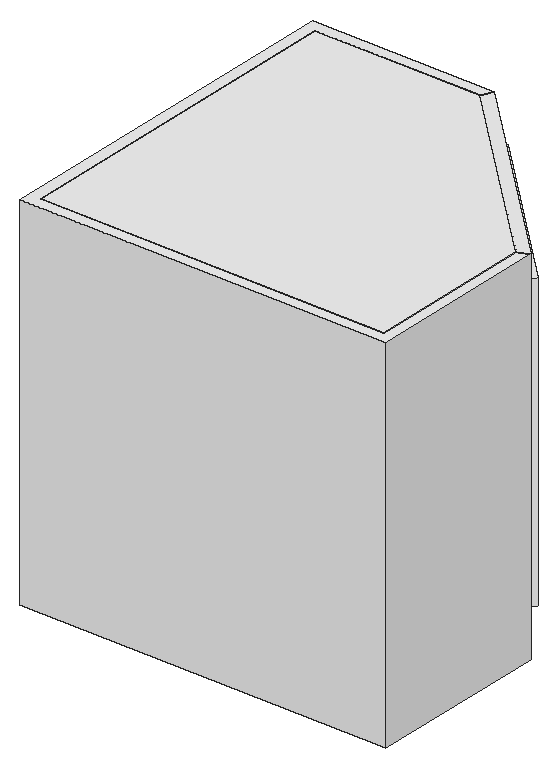
Revit family
Parameters (values of type "300mm")
  Cabinet Material = none
  Depth = 300 mm
  Door/Drawer Material = none
  Height = 600 mm
  Top of Cabinet = 2000 mm
  Width = 0 mm
Reference planes
  plane 1: y = 0
  plane 2: x = 258.371
  plane 3: x = -41.629
  plane 4: z = 1400
  plane 5: z = 2000
  plane 6: y = 376.2
  plane 7: y = 76.2
  plane 8: z = 1700
  plane 9: y = 681
  plane 10: x = 563.171
  plane 11: z = 1942.85
Forms (mm)
  Extrusion 1, solid, material <- "Cabinet Material"
    sketch origin (0, 0, 1400) x (0, 1, 0) y (1, 0, 0)
      loop
        line (76.2, -41.629) -> (681, -41.629) -> (681, 258.371) -> (661.95, 250.48) -> (661.95, -22.579) -> (95.25, -22.579) -> (95.25, 544.121) -> (368.309, 544.121) -> (376.2, 563.171) -> (76.2, 563.171) -> (76.2, -41.629)
    from 0 to -600
  Extrusion 2, solid, material <- "Cabinet Material"
    sketch origin (0, 0, 1400) x (0, 1, 0) y (1, 0, 0)
      loop
        line (95.25, -22.579) -> (661.95, -22.579) -> (661.95, 250.48) -> (368.309, 544.121) -> (95.25, 544.121) -> (95.25, -22.579)
    from 0 to -25.4
  Extrusion 3, solid, material <- "Cabinet Material"
    sketch origin (0, 0, 2000) x (0, 1, 0) y (1, 0, 0)
      loop
        line (661.95, 250.48) -> (368.309, 544.121) -> (95.25, 544.121) -> (95.25, -22.579) -> (661.95, -22.579) -> (661.95, 250.48)
    from 0 to 25.4
  Extrusion 4, solid, material <- "Cabinet Material"
    sketch origin (0, 0, 1400) x (0, 1, 0) y (1, 0, 0)
      loop
        line (661.95, 250.48) -> (681, 258.371) -> (376.2, 563.171) -> (368.309, 544.121) -> (661.95, 250.48)
    from 0 to -600
  Extrusion 5, void
    sketch origin (0, 0, 1400) x (1, 0, 0) y (0, 1, 0)
      loop
        line (272.612, 639.818) -> (521.99, 390.441) -> (535.46, 403.911) -> (286.082, 653.289) -> (272.612, 639.818)
    from 57.15 to 542.85
  Extrusion 6, solid, material <- "Door/Drawer Material"
    sketch origin (0, 0, 1400) x (0, 1, 0) y (1, 0, 0)
      loop
        line (644.309, 277.102) -> (662.269, 295.063) -> (412.891, 544.44) -> (394.931, 526.48) -> (644.309, 277.102)
    from -57.15 to -542.85
Cuts and joins
  Extrusion 5 cuts Extrusion 1
  Extrusion 5 cuts Extrusion 2
  Extrusion 5 cuts Extrusion 3
  Extrusion 5 cuts Extrusion 4
Lines and regions (mm)
  symbolic lines, style "Plan Rep - Above"
    curve 1: line (-41.629, 76.2, 1400) -> (-41.629, 681, 1400)
    curve 2: line (-41.629, 681, 1400) -> (258.371, 681, 1400)
    curve 3: line (258.371, 681, 1400) -> (563.171, 376.2, 1400)
    curve 4: line (563.171, 376.2, 1400) -> (563.171, 76.2, 1400)
    curve 5: line (563.171, 76.2, 1400) -> (-41.629, 76.2, 1400)
Text (mm)
  text "Placement Side" at (0, 1019.848, 3124.603), in view "Right"
  text "Placement Side" at (-1434.409, 1026.573, 0), in view "Floor Line"
  text "Placement Side" at (0, 1206.291, 3169.834), in view "Left"
Dimensions and locks
  "Depth": plane 3 to plane 2
  "Height": plane 4 to plane 5
  equal spacing: plane 4, plane 8, plane 5
  "Depth": plane 6 to plane 7
  locked: plane 2 to plane 10 at 304.8
  locked: plane 6 to plane 9 at 304.8
  locked: plane 11 to plane 5 at 57.15
  "Top of Cabinet": level to plane 5
  aligned and locked: plane 7 to host wall
  aligned and locked: Extrusion 1 to plane 5
  aligned and locked: Extrusion 4 to plane 5
  aligned and locked: Extrusion 5 to plane 11
  aligned and locked: Extrusion 6 to plane 11
Automatic sketch dimensions
  Extrusion 1 sketch curve to host wall = 0 mm
  Extrusion 1 sketch curve to plane 6 = 0 mm
  Extrusion 1 sketch curve to plane 2 = 0 mm
  Extrusion 1 sketch curve to plane 9 = 0 mm
  Extrusion 1 sketch curve to plane 10 = 0 mm
  Extrusion 1 sketch curve to plane 3 = 0 mm
  host wall to Extrusion 1 sketch curve = 19.05 mm
  Extrusion 1 sketch curve to plane 6 = 7.891 mm
  Extrusion 1 sketch curve to Extrusion 1 sketch curve = 19.05 mm
  plane 3 to Extrusion 1 sketch curve = 19.05 mm
  host wall to Extrusion 2 sketch curve = 19.05 mm
  Extrusion 2 sketch curve to plane 6 = 7.891 mm
  Extrusion 2 sketch curve to plane 2 = 7.891 mm
  plane 9 to Extrusion 2 sketch curve = 19.05 mm
  plane 10 to Extrusion 2 sketch curve = 19.05 mm
  plane 3 to Extrusion 2 sketch curve = 19.05 mm
  host wall to Extrusion 3 sketch curve = 19.05 mm
  Extrusion 3 sketch curve to plane 6 = 7.891 mm
  plane 3 to Extrusion 3 sketch curve = 19.05 mm
  plane 9 to Extrusion 3 sketch curve = 19.05 mm
  Extrusion 3 sketch curve to plane 2 = 7.891 mm
  plane 10 to Extrusion 3 sketch curve = 19.05 mm
  plane 10 to Extrusion 1 sketch curve = 19.05 mm
  Extrusion 1 sketch curve to plane 2 = 7.891 mm
  Extrusion 4 sketch curve to plane 6 = 0 mm
  Extrusion 4 sketch curve to plane 2 = 0 mm
  Extrusion 4 sketch curve to plane 9 = 0 mm
  Extrusion 4 sketch curve to plane 10 = 0 mm
  Extrusion 4 sketch curve to plane 6 = 7.891 mm
  Extrusion 4 sketch curve to plane 2 = 7.891 mm
  plane 9 to Extrusion 4 sketch curve = 19.05 mm
  plane 10 to Extrusion 4 sketch curve = 19.05 mm
  curve 5 to plane 3 = 0 mm
  curve 2 to plane 2 = 0 mm
  curve 4 to plane 10 = 0 mm
  curve 1 to host wall = 0 mm
  curve 3 to plane 6 = 0 mm
  curve 2 to plane 9 = 0 mm
  plane 2 to Extrusion 5 sketch curve = 14.241 mm
  plane 9 to Extrusion 5 sketch curve = 27.711 mm
  plane 2 to Extrusion 5 sketch curve = 27.711 mm
  plane 6 to Extrusion 5 sketch curve = 14.241 mm
  plane 10 to Extrusion 5 sketch curve = 41.182 mm
  plane 6 to Extrusion 6 sketch curve = 18.731 mm
  plane 10 to Extrusion 6 sketch curve = 18.731 mm
  Extrusion 6 sketch curve to Extrusion 6 sketch curve = 17.961 mm  (x2)
  plane 9 to Extrusion 6 sketch curve = 36.691 mm
